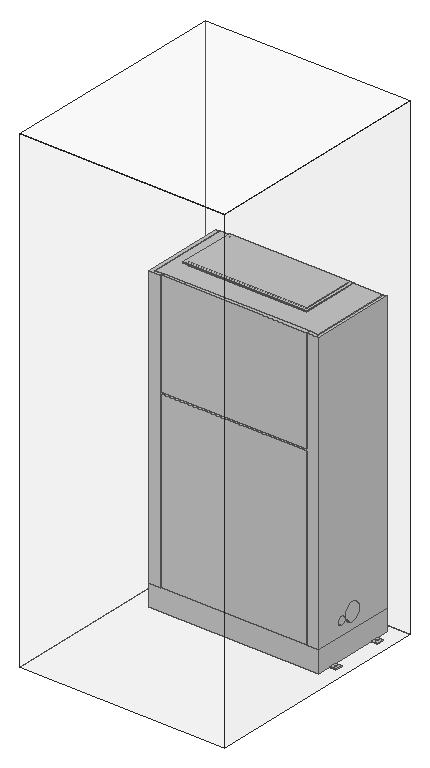
Revit family "pfav-xp224_560dmj_50Hz", category 機械設備, Revit 2019
Family settings
  丸型コネクタ寸法 = 直径を使用
  パーツ タイプ = 標準
  OmniClass 番号 = 23.75.10.24.21.27.27
  OmniClass タイトル = Split System Air Conditioning Units
  作業面ベース = いいえ
  常に垂直 = はい
  ロード時にボイドで切り取り = いいえ
  共有 = いいえ
  部屋計算ポイント = いいえ
Parameters (values of type "PFAV-XP224DMJ")
  風量（m3／min） = 65
  風量 = MAX風量  # 3900.0 m³/h
  音響パワーレベル(dB) = 68
  電源種別 = ""
  電圧_電気ヒーター = 0 V
  電圧 = 200 V
  電動機出力_送風機 = 1200 W
  電動機出力_圧縮機 = 0 W
  運転質量 = 0.00 kg
  連動 = ""
  質量 = if(製品質量 > 運転質量, 製品質量, 運転質量) * 1.2  # 163.20 kg
  負荷分類 = 3_ファン類
  説明 = "設備用パッケージエアコン 空冷床置形・冷暖兼用 ファシレアＤＤリプレースタイプ"
  設計暖房能力 [instance] = 0 kW
  設計冷房能力_顕熱 [instance] = 0 kW
  設計冷房能力 [instance] = 0 kW
  設置方法 = "床置形"
  記号 [instance] = ""
  製造元 = "三菱電機株式会社"
  製品質量 = 136.00 kg
  製品出荷対象 = "国内"
  製品リリース年月 = "2018年10月10日"
  製品グループ = ""
  系統 [instance] = ""
  符号 = "PAC-FRV(J)"
  積算_科目 = "1 空気調和設備"
  積算_拾い区分 [instance] = ""
  相_電気ヒーター = 1
  相 = 3
  盤記号 [instance] = ""
  発停方法 = ""
  特殊仕様 [instance] = ""
  火災停止 = ""
  消費電力_電気ヒーター = 0 W
  消費電力_暖房 = 510 W
  消費電力_加湿器 = 0 W
  消費電力_冷房 = 510 W
  消費電力 = if(消費電力_冷房 > 消費電力_暖房, 消費電力_冷房, 消費電力_暖房) + 消費電力_加湿器 + 消費電力_電気ヒーター  # 510 W
  法定耐用年数 = "15"
  機械基礎質量 [instance] = 0.00 kg
  機械基礎_W = 0 mm
  機械基礎_H = 0 mm
  機械基礎_D = 0 mm
  機械基礎 [instance] = no
  機外静圧 = 30.0 Pa
  極数 = 3
  材質 [instance] = ""
  本体マテリアル = none
  有効加湿量 = 0
  最小電線太さ_mm2 = 1.6
  最大電流値 = 5.8 A
  暖房能力 = 0 kW
  推奨ブレーカー容量 = 15 A
  形式_加湿器 = ""
  形式 = "床置（露出）立形"
  形名 = PFAV-XP-DMJ : PFAV-XP224DMJ1
  幹線記号 [instance] = ""
  始動方式 = "直入"
  呼称 = "パッケージ形空気調和機_室内機"
  周波数 = 50 Hz
  台数_手元リモコン [instance] = ""
  台数_冷媒分岐ユニット [instance] = ""
  参照している仕様書等のバージョン = "公共建築工事標準仕様書（機械設備工事編）平成31年度版"
  加湿給水管径 = 27.00 mm
  分類コード = "50053003023020"
  分類グループ = ""
  冷房能力 = 20 kW
  冷媒高低圧ガス管径 = 0.00 mm
  冷媒管径符号 = "Ce"
  冷媒管径 = 100.00 mm
  冷媒液管径 = 12.70 mm
  冷媒ガス管径 = 19.05 mm
  価格 = 0
  企業コード = "108420"
  付属品_フィルター = ""
  付属品 [instance] = ""
  仕様書バージョン = "Version1.0"
  モデル = "PFAV-XP224DMJ"
  ドレン管径 = 34.00 mm
  ダクト高 = 334 mm
  ダクト幅 = 715 mm
  サービススペース = yes
  コメント [instance] = ""
  Keynote = ""
  Width = 980 mm
  Version = ""
  Uniclass2015Version = "Systems v1.9"
  Uniclass2015Title = "Split coil remote air cooled condensing units"
  Uniclass2015Code = "Pr_70_65_03_84"
  URL = "https://www.mitsubishielectric.co.jp/ldg/wink/ssl/displayProduct.do?pid=294692"
  S寸法 = 150 mm
  SpecificationReference = ""
  SpecificationDescription = ""
  Revision = ""
  ProductInformation = ""
  OmniClassCode = "23-33 17 13 11"
  MAX風量 = 風量（m3／min） * 60.0 m³/h  # 3900.0 m³/h
  IfcTypeProduct = ""
  IfcProduct = ""
  IfcExportType = "AIRCONDITIONINGUNIT"
  IfcExportAs = "IfcUnitaryEquipmentType"
  Height = 1750 mm
  Depth = 485 mm
  Clearance Top = 1000 mm
  Clearance Right = 100 mm
  Clearance Left = 100 mm
  Clearance Front = 800 mm
  Clearance Back = 50 mm
  COP = 0
  Author = "三菱電機株式会社"
  APF = 0
Types (4, lengths in mm): name | 風量（m3／min） | 風量 | 音響パワーレベル(dB) | 電動機出力_送風機 | 質量 | 製品質量 | 消費電力_暖房 | 消費電力_冷房 | 消費電力 | 最大電流値 | 形名 | 冷房能力 | 冷媒管径符号 | 冷媒ガス管径 | モデル | ダクト高 | ダクト幅 | Width | URL | MAX風量 | Height | Depth
  PFAV-XP280DMJ | 90 | 5400.0 m³/h | 76 | 1200 W | 168.00 kg | 140.00 kg | 1150 W | 1150 W | 1150 W | 5.8 A | PFAV-XP-DMJ : PFAV-XP280DMJ1 | 25 kW | "Cf" | 22.20 | "PFAV-XP280DMJ" | 334 | 715 | 980 | "https://www.mitsubishielectric.co.jp/ldg/wink/ssl/displayProduct.do?pid=294731" | 5400.0 m³/h | 1750 | 485
  PFAV-XP450DMJ | 140 | 8400.0 m³/h | 76 | 2400 W | 285.60 kg | 238.00 kg | 1400 W | 1400 W | 1400 W | 9.7 A | PFAV-XP-DMJ : PFAV-XP450DMJ1 | 40 kW | "Ce" | 19.05 | "PFAV-XP450DMJ" | 489 | 1046 | 1200 | "https://www.mitsubishielectric.co.jp/ldg/wink/ssl/displayProduct.do?pid=294702" | 8400.0 m³/h | 1900 | 635
  PFAV-XP224DMJ | 65 | 3900.0 m³/h | 68 | 1200 W | 163.20 kg | 136.00 kg | 510 W | 510 W | 510 W | 5.8 A | PFAV-XP-DMJ : PFAV-XP224DMJ1 | 20 kW | "Ce" | 19.05 | "PFAV-XP224DMJ" | 334 | 715 | 980 | "https://www.mitsubishielectric.co.jp/ldg/wink/ssl/displayProduct.do?pid=294692" | 3900.0 m³/h | 1750 | 485
  PFAV-XP560DMJ | 165 | 9900.0 m³/h | 79 | 2400 W | 285.60 kg | 238.00 kg | 1780 W | 1780 W | 1780 W | 9.7 A | PFAV-XP-DMJ : PFAV-XP560DMJ1 | 50 kW | "Cf" | 22.20 | "PFAV-XP560DMJ" | 489 | 1046 | 1200 | "https://www.mitsubishielectric.co.jp/ldg/wink/ssl/displayProduct.do?pid=294703" | 9900.0 m³/h | 1900 | 635
Reference planes
  plane 1: z = 0
  plane 2: z = 1750
  plane 3: z = 0
  plane 4: z = 2750
  plane 5 "中心(正面/背面)": y = -242.5
  plane 6 "中心(左/右)": x = 0
  plane 7 "左": x = -490
  plane 8 "右": x = 490
  plane 9 "正面": y = -485
  plane 10 "背面": y = 0
  plane 11: y = 150
  plane 12: x = -640
  plane 13: y = -635
  plane 14: y = 50
  plane 15: y = -1285
  plane 16: x = -590
  plane 17: x = 590
  plane 18: x = 640
Dimensions and locks
  "Height": plane 2 to plane 3
  "Clearance Top": plane 4 to plane 2
  "機械基礎_H": plane 3 to plane 1
  equal spacing: plane 7 "左", plane 6 "中心(左/右)", plane 8 "右"
  "Width": plane 7 "左" to plane 8 "右"
  equal spacing: plane 9 "正面", plane 5 "中心(正面/背面)", plane 10 "背面"
  "Depth": plane 9 "正面" to plane 10 "背面"
  "S寸法": plane 10 "背面" to plane 11
  "S寸法": plane 13 to plane 9 "正面"
  "S寸法": plane 12 to plane 7 "左"
  "Clearance Left": plane 16 to plane 7 "左"
  "Clearance Right": plane 8 "右" to plane 17
  "Clearance Front": plane 15 to plane 9 "正面"
  "Clearance Back": plane 10 "背面" to plane 14
  "S寸法": plane 8 "右" to plane 18
  aligned and locked: level to plane 1
  aligned and locked: plane 17 to nested 1
  aligned and locked: plane 15 to nested 1
  aligned and locked: nested 1 to plane 16
  aligned and locked: nested 1 to plane 14
  aligned and locked: plane 4 to nested 1
  aligned and locked: plane 6 "中心(左/右)" to nested 2
  aligned and locked: plane 5 "中心(正面/背面)" to nested 2
  aligned and locked: plane 1 to nested 1
Nested families
  nested 1: "サービススペース(pfav-xp)" at (0, -617.5, 1375), visible <- "サービススペース", type "サービススペース(pfav-xp)"
    with Width 1180 mm, Height 2750 mm, Depth 1335 mm
  nested 2: "PFAV-XP-DMJ" at (0, -242.5, 0), type <- "形名", マテリアル1 <- "本体マテリアル", type "PFAV-XP224DMJ1"
    with 表示 yes, マテリアル2 none, マテリアル1 none
Connectors
  hvac at (-38.5, -188, 1750), driven by "ダクト幅", driven by "ダクト高", driven by "機外静圧", driven by "風量"
    settings: on nested 2, index 1, duct flow 3900.0 m³/h, flow factor 0, pres drop 30.0 Pa, loss coef 0, conn angle 0.00°, conn width 334 mm, conn height 715 mm, conn diameter 609.6 mm, duct sys type 1, conn prof type 1, flow config 1, flow direction 2, loss method 4, conn ref index -1, conn util no, is conn primary yes, conn desc ""
  piping at (493, -249, 217), diameter 100, driven by "冷媒管径", driven by "冷媒管径符号"
    settings: on nested 2, index 2, connector inside diameter 609.60 mm, connector length 0 mm, flow factor 0, pipe flow 0.0 L/s, pressure drop 0.0 Pa, fitting loss kfactor 0, connector angle 0.00°, fixture units 0, engagement length 0 mm, angle of deflection 0.00°, flow configuration 1, flow direction 1, fitting loss method 4, system type 7, joint type 0, gender type 0, connector reference index -1, connector utility 0, adjustable connector no, is connector primary yes, connector description "Ce"
  piping at (493, -326, 202), diameter 27, driven by "加湿給水管径"
    settings: on nested 2, index 3, connector inside diameter 609.60 mm, connector length 0 mm, flow factor 0, pipe flow 0.0 L/s, pressure drop 0.0 Pa, fitting loss kfactor 0, connector angle 0.00°, fixture units 0, engagement length 0 mm, angle of deflection 0.00°, flow configuration 1, flow direction 1, fitting loss method 4, system type 20, joint type 0, gender type 0, connector reference index -1, connector utility 0, adjustable connector no, is connector primary no, connector description ""
  electrical at (493, -326, 202), driven by "極数", driven by "負荷分類", driven by "電圧", driven by "消費電力"
    settings: on nested 2, index 4, voltage 200 V, apparent load 510 VA, apparent load phase1 0 VA, apparent load phase2 0 VA, apparent load phase3 0 VA, power factor 1, load classification "3_ファン類", number of poles 3, system type 30, power factor state 1, is connector primary yes, connector utility no, sub classification motor no, connector description ""
Definition of nested family "サービススペース(pfav-xp)"
  Parameters (values of type "サービススペース")
    Width [instance] = 500 mm
    Height [instance] = 500 mm
    Depth [instance] = 500 mm
  Reference planes
    plane 1 "中心(正面/背面)": y = 0
    plane 2: z = 0
    plane 3 "中心(左/右)": x = 0
    plane 4: y = -250
    plane 5: x = 250
    plane 6: y = 250
    plane 7: x = -250
    plane 8: z = 250
    plane 9: z = -250
  Forms (mm)
    Extrusion 1, solid
      sketch origin (-638.939, 0, 72.39) x (1, 0, 0) y (0, 1, 0)
        loop
          line (388.939, 250) -> (388.939, -250) -> (888.939, -250) -> (888.939, 250) -> (388.939, 250)
      from -322.39 to 177.61
  Lines and regions (mm)
    symbolic lines
      curve 1: line (-250, 0, 250) -> (250, 0, 250)
      curve 2: line (-250, 0, -250) -> (-250, 0, 250)
      curve 3: line (250, 0, -250) -> (-250, 0, -250)
      curve 4: line (250, 0, 250) -> (250, 0, -250)
      curve 5: line (0, -250, 250) -> (0, 250, 250)
      curve 6: line (0, -250, -250) -> (0, -250, 250)
      curve 7: line (0, 250, -250) -> (0, -250, -250)
      curve 8: line (0, 250, 250) -> (0, 250, -250)
      curve 9: line (-250, 250, 0) -> (250, 250, 0)
      curve 10: line (-250, -250, 0) -> (-250, 250, 0)
      curve 11: line (250, -250, 0) -> (-250, -250, 0)
      curve 12: line (250, 250, 0) -> (250, -250, 0)
  Dimensions and locks
    equal spacing: plane 7, plane 3 "中心(左/右)", plane 5
    equal spacing: plane 4, plane 1 "中心(正面/背面)", plane 6
    "Depth": plane 4 to plane 6
    "Width": plane 7 to plane 5
    equal spacing: plane 8, plane 2, plane 9
    "Height": plane 8 to plane 9
    aligned and locked: plane 9 to curve 3
    aligned and locked: plane 7 to curve 2
    aligned and locked: curve 4 to plane 5
    aligned and locked: plane 5 to Extrusion 1
    aligned and locked: Extrusion 1 to plane 7
    aligned and locked: Extrusion 1 to plane 9
    aligned and locked: plane 8 to Extrusion 1
    aligned and locked: plane 9 to curve 7
  Automatic sketch dimensions
    plane 4 to Extrusion 1 sketch curve = 0 mm
    Extrusion 1 sketch curve to plane 7 = 0 mm
    Extrusion 1 sketch curve to plane 5 = 0 mm
    plane 6 to Extrusion 1 sketch curve = 0 mm
    curve 2 to plane 8 = 0 mm
    plane 4 to curve 11 = 0 mm
    curve 11 to plane 7 = 0 mm
    curve 11 to plane 5 = 0 mm
    plane 6 to curve 10 = 0 mm
    curve 7 to plane 4 = 0 mm
    curve 7 to plane 6 = 0 mm
    curve 6 to plane 8 = 0 mm
Definition of nested family "PFAV-XP-DMJ"
  Parameters (values of type "PFAV-XP224DMJ1")
    液径 = 9.52 mm
    液-W = 0 mm
    液-H = 172 mm
    液-D = 249 mm
    ドレン② = no
    ドレン① = yes
    ①高 = 1730 mm
    電源径 = 43 mm
    電源-W = 0 mm
    電源-H = 202 mm
    電源-D = 326 mm
    表示 [instance] = yes
    ①幅 = 980 mm
    ①奥行 = 485 mm
    吊りボルト径 = 12 mm
    吊りボルト-W = 1026 mm
    吊りボルト-D = 300 mm
    吊りボルト-H = 0 mm
    加湿給水管径 = 27 mm
    加湿給水-W = 0 mm
    加湿給水-H = 322 mm
    加湿給水-D = 111 mm
    冷媒径 = 100 mm
    ガス径 = 19.05 mm
    ガス-W = 0 mm
    ガス-H = 262 mm
    ガス-D = 249 mm
    マテリアル2 [instance] = none
    マテリアル1 [instance] = none
    ドレン径 = 34 mm
    ドレン-W = 200 mm
    ドレン-H = 54 mm
    ドレン-D = 240 mm
    w = 675 mm
    m = 164 mm
    h = 20 mm
    e = 600 mm
    c = 10 mm
    d = 294 mm
    b = 171 mm
    a1 = 19 mm
    a = 22 mm
  Types (4, lengths in mm): name | 液径 | 液-H | 液-D | ①高 | 電源径 | 電源-H | 電源-D | ①幅 | ①奥行 | 吊りボルト-W | 吊りボルト-D | 加湿給水-H | 加湿給水-D | ガス径 | ガス-H | ガス-D | ドレン-H | ドレン-D | w | m | h | d | b | a1 | a
    PFAV-XP224DMJ1 | 9.52 | 172 | 249 | 1730 | 43 | 202 | 326 | 980 | 485 | 1026 | 300 | 322 | 111 | 19.05 | 262 | 249 | 54 | 240 | 675 | 164 | 20 | 294 | 171 | 19 | 22
    PFAV-XP280DMJ1 | 9.52 | 172 | 249 | 1730 | 43 | 202 | 326 | 980 | 485 | 1026 | 300 | 322 | 111 | 19.05 | 262 | 249 | 54 | 240 | 675 | 164 | 20 | 294 | 171 | 19 | 22
    PFAV-XP450DMJ1 | 12.7 | 203 | 254 | 1897 | 52 | 179 | 475 | 1200 | 635 | 1246 | 440 | 249 | 321 | 28.58 | 209 | 128 | 64 | 314 | 1006 | 208 | 3 | 449 | 77 | 20 | 24
    PFAV-XP560DMJ1 | 12.7 | 203 | 254 | 1897 | 52 | 179 | 475 | 1200 | 635 | 1246 | 440 | 249 | 321 | 28.58 | 209 | 128 | 64 | 314 | 1006 | 208 | 3 | 449 | 77 | 20 | 24
  Reference planes
    plane 1 "中心(正面/背面)": y = 0
    plane 2: z = 0
    plane 3 "中心(左/右)": x = 0
    plane 4: x = 490
    plane 5: x = -490
    plane 6: y = 242.5
    plane 7: y = -242.5
    plane 8: z = 1750
    plane 9: z = 1130
    plane 10: z = 1730
    plane 11: z = 120
    plane 12: y = 150
    plane 13: y = -150
    plane 14: x = 513
    plane 15: x = -513
    plane 16: y = 221.5
    plane 17: y = -162.5
    plane 18: z = 54
    plane 19: z = 202
    plane 20: y = -6.5
    plane 21: z = 172
    plane 22: z = 262
    plane 23: z = 1748
    plane 24: y = -6.5
    plane 25: x = 470
    plane 26: x = -470
    plane 27: z = 1120
    plane 28: y = -222.5
    plane 29: x = -420
    plane 30: x = 420
    plane 31: y = -239.5
    plane 32: x = 530
    plane 33: x = -530
    plane 34: y = 170
    plane 35: y = 130
    plane 36: y = -130
    plane 37: y = -170
    plane 38: y = 201.5
    plane 39: z = 5
    plane 40: x = 319
    plane 41: x = 299
    plane 42: x = -376
    plane 43: x = -396
    plane 44: y = -112.5
    plane 45: y = -92.5
    plane 46: y = 2.5
    plane 47: y = -83.5
    plane 48: x = 493
    plane 49: y = -6.5
    plane 50: z = 217
    plane 51: y = 131.5
    plane 52: z = 322
    plane 53: x = -491
    plane 54: y = 243.5
    plane 55: x = 290
    plane 56: x = -410
    plane 57: x = -246
    plane 58: x = -82
    plane 59: x = 82
    plane 60: x = 246
    plane 61: x = 410
    plane 62: y = 220.5
  Forms (mm)
    Extrusion 1, solid, material <- "マテリアル1", visible <- "表示", detail levels fine
      sketch origin (0, 0, -400) x (1, 0, 0) y (0, 1, 0)
        loop
          line (420, -222.5) -> (-420, -222.5) -> (-420, -239.5) -> (420, -239.5) -> (420, -222.5)
      from 1530 to 2130
    Extrusion 2, solid, material <- "マテリアル1", visible <- "表示", detail levels fine
      sketch origin (0, 0, -800) x (1, 0, 0) y (0, 1, 0)
        loop
          line (-420, -239.5) -> (420, -239.5) -> (420, -222.5) -> (-420, -222.5) -> (-420, -239.5)
      from 920 to 1920
    Extrusion 3, solid, material <- "マテリアル2", visible <- "表示", detail levels fine
      sketch origin (0, 0, 0) x (1, 0, 0) y (0, 1, 0)
        loop
          line (490, 170) -> (490, 130) -> (530, 130) -> (530, 170) -> (490, 170)
        loop
          line (490, -130) -> (490, -170) -> (530, -170) -> (530, -130) -> (490, -130)
        loop
          line (-530, 170) -> (-530, 130) -> (-490, 130) -> (-490, 170) -> (-530, 170)
        loop
          line (-530, -130) -> (-530, -170) -> (-490, -170) -> (-490, -130) -> (-530, -130)
        loop
          circle (-513, 150) r 6
        loop
          circle (513, 150) r 6
        loop
          circle (513, -150) r 6
        loop
          circle (-513, -150) r 6
      from 0 to 5
    Extrusion 4, solid, material <- "マテリアル2", visible <- "表示", detail levels fine
      sketch origin (0, -1140, 0) x (0, -1, 0) y (1, 0, 0)
        loop
          line (-1341.5, 299) -> (-1341.5, -376) -> (-1047.5, -376) -> (-1047.5, 299) -> (-1341.5, 299)
      from 1730 to 1748
    Extrusion 5, solid, material <- "マテリアル2", visible <- "表示", detail levels fine
      sketch origin (0, -1140, -430) x (0, -1, 0) y (1, 0, 0)
        loop
          line (-1361.5, 319) -> (-1361.5, -396) -> (-1027.5, -396) -> (-1027.5, 319) -> (-1361.5, 319)
      from 2178 to 2180
    Extrusion 6, solid, material <- "マテリアル1", visible <- "表示", detail levels fine
      sketch origin (-1437.329, -1524, 1750) x (-1, 0, 0) y (0, -1, 0)
        loop
          line (-947.329, -1766.5) -> (-947.329, -1281.5) -> (-1017.329, -1281.5) -> (-1017.329, -1301.5) -> (-967.329, -1301.5) -> (-967.329, -1766.5) -> (-947.329, -1766.5)
        loop
          line (-1907.329, -1766.5) -> (-1907.329, -1301.5) -> (-1857.329, -1301.5) -> (-1857.329, -1281.5) -> (-1927.329, -1281.5) -> (-1927.329, -1766.5) -> (-1907.329, -1766.5)
      from -1630 to -20
    Extrusion 7, solid, material <- "マテリアル1", visible <- "表示", detail levels fine
      sketch origin (-1437.329, -1524, 1750) x (-1, 0, 0) y (0, -1, 0)
        loop
          line (-1907.329, -1766.5) -> (-967.329, -1766.5) -> (-967.329, -1301.5) -> (-1907.329, -1301.5) -> (-1907.329, -1766.5)
      from -1630 to -20
    Extrusion 8, solid, material <- "マテリアル2", visible <- "表示", detail levels fine
      sketch origin (-1437.329, -1524, 1750) x (-1, 0, 0) y (0, -1, 0)
        loop
          line (-947.329, -1766.5) -> (-947.329, -1281.5) -> (-1927.329, -1281.5) -> (-1927.329, -1766.5) -> (-947.329, -1766.5)
      from -1750 to -1630
    Extrusion 9, solid, material <- "マテリアル2", visible <- "表示", detail levels fine
      sketch origin (490, 1296.25, 1200) x (0, 1, 0) y (0, 0, 1)
        loop
          circle (-1379.75, -998) r 21.5
      from 0 to 3
    Extrusion 10, solid, material <- "マテリアル1", visible <- "表示", detail levels fine
      sketch origin (490, 1296.25, 1200) x (0, 1, 0) y (0, 0, 1)
        loop
          circle (-1302.75, -983) r 50
      from 0 to 3
    Extrusion 11, solid, material <- "マテリアル1", visible <- "ドレン①", detail levels fine
      sketch origin (-490, 1296.25, 1200) x (0, 1, 0) y (0, 0, 1)
        loop
          circle (-1293.75, -1146) r 17
      from -1 to 0
    Extrusion 12, solid, material <- "マテリアル1", visible <- "ドレン②", detail levels fine
      sketch origin (1480.036, -239.5, 2000) x (1, 0, 0) y (0, 0, 1)
        loop
          circle (-1190.036, -1946) r 17
      from -483 to -482
  Lines and regions (mm)
    Masking region 1, visible <- "表示", detail levels coarse+medium
      outline origin (0, 0, 0) x (1, 0, 0) y (0, 1, 0)
        loop
          line (-490, 242.5) -> (-490, -242.5) -> (490, -242.5) -> (490, 242.5) -> (-490, 242.5)
    symbolic lines, visible <- "表示"
      curve 1: line (-490, 242.5, 1750) -> (-490, -242.5, 1750)
      curve 2: line (-490, -242.5, 1750) -> (490, -242.5, 1750)
      curve 3: line (490, -242.5, 1750) -> (490, 242.5, 1750)
      curve 4: line (490, 242.5, 1750) -> (-490, 242.5, 1750)
      curve 5: line (-396, 221.5, 1750) -> (-396, -112.5, 1750)
      curve 6: line (-396, -112.5, 1750) -> (319, -112.5, 1750)
      curve 7: line (319, -112.5, 1750) -> (319, 221.5, 1750)
      curve 8: line (319, 221.5, 1750) -> (-396, 221.5, 1750)
    model lines, visible <- "表示", detail levels fine
      curve 9: line (-410, -239.5, 1020) -> (410, -239.5, 1020)
      curve 10: line (-410, -239.5, 520) -> (-410, -239.5, 1020)
      curve 11: line (410, -239.5, 520) -> (-410, -239.5, 520)
      curve 12: line (410, -239.5, 1020) -> (410, -239.5, 520)
      curve 13: line (-410, -239.5, 545) -> (410, -239.5, 545)
      curve 14: line (-410, -239.5, 570) -> (410, -239.5, 570)
      curve 15: line (-410, -239.5, 595) -> (410, -239.5, 595)
      curve 16: line (-410, -239.5, 620) -> (410, -239.5, 620)
      curve 17: line (-410, -239.5, 645) -> (410, -239.5, 645)
      curve 18: line (-410, -239.5, 670) -> (410, -239.5, 670)
      curve 19: line (-410, -239.5, 695) -> (410, -239.5, 695)
      curve 20: line (-410, -239.5, 720) -> (410, -239.5, 720)
      curve 21: line (-410, -239.5, 745) -> (410, -239.5, 745)
      curve 22: line (-410, -239.5, 770) -> (410, -239.5, 770)
      curve 23: line (-410, -239.5, 795) -> (410, -239.5, 795)
      curve 24: line (-410, -239.5, 820) -> (410, -239.5, 820)
      curve 25: line (-410, -239.5, 845) -> (410, -239.5, 845)
      curve 26: line (-410, -239.5, 870) -> (410, -239.5, 870)
      curve 27: line (-410, -239.5, 895) -> (410, -239.5, 895)
      curve 28: line (-410, -239.5, 920) -> (410, -239.5, 920)
      curve 29: line (-410, -239.5, 945) -> (410, -239.5, 945)
      curve 30: line (-410, -239.5, 970) -> (410, -239.5, 970)
      curve 31: line (-410, -239.5, 995) -> (410, -239.5, 995)
      curve 32: line (-246, -239.5, 1020) -> (-246, -239.5, 520)
      curve 33: line (-82, -239.5, 1020) -> (-82, -239.5, 520)
      curve 34: line (82, -239.5, 1020) -> (82, -239.5, 520)
      curve 35: line (246, -239.5, 1020) -> (246, -239.5, 520)
  Dimensions and locks
    equal spacing: plane 7, plane 1 "中心(正面/背面)", plane 6
    "①奥行": plane 7 to plane 6
    equal spacing: plane 5, plane 3 "中心(左/右)", plane 4
    "①幅": plane 5 to plane 4
    locked: plane 11 to level at 120
    equal spacing: plane 13, plane 1 "中心(正面/背面)", plane 12
    "吊りボルト-D": plane 13 to plane 12
    equal spacing: plane 15, plane 3 "中心(左/右)", plane 14
    "吊りボルト-W": plane 15 to plane 14
    locked: plane 7 to plane 17 at 80
    "ドレン-H": plane 18 to level
    "電源-H": plane 19 to level
    "液-H": plane 21 to level
    "e": plane 10 to plane 9
    "ガス-H": plane 22 to level
    "h": plane 8 to plane 10
    locked: plane 8 to plane 23 at 2
    locked: plane 5 to plane 26 at 20
    locked: plane 25 to plane 4 at 20
    "c": plane 9 to plane 27
    locked: plane 7 to plane 28 at 20
    locked: plane 26 to plane 29 at 50
    locked: plane 30 to plane 25 at 50
    locked: plane 7 to plane 31 at 3
    locked: plane 33 to plane 5 at 40
    locked: plane 4 to plane 32 at 40
    plane 37 to plane 13 to plane 36 = 20 mm locked, 20 mm locked
    plane 35 to plane 12 to plane 34 = 20 mm locked, 20 mm locked
    locked: plane 38 to plane 16 at 20
    locked: plane 39 to level at 5
    "b": plane 40 to plane 4
    locked: plane 43 to plane 42 at 20
    locked: plane 41 to plane 40 at 20
    "w": plane 42 to plane 41
    locked: plane 44 to plane 45 at 20
    "d": plane 45 to plane 38
    "①高": plane 10 to level
    "液-D": plane 20 to plane 6
    "ガス-D": plane 24 to plane 6
    "ドレン-D": plane 46 to plane 6
    "電源-D": plane 47 to plane 6
    locked: plane 4 to plane 48 at 3
    equal spacing: plane 20, plane 49, plane 24
    equal spacing: plane 22, plane 50, plane 21
    "加湿給水-D": plane 51 to plane 6
    "加湿給水-H": plane 52 to level
    locked: plane 53 to plane 5 at 1
    locked: plane 6 to plane 54 at 1
    "ドレン-W": plane 55 to plane 4
    locked: plane 56 to plane 29 at 10
    "m": plane 57 to plane 56
    "m": plane 58 to plane 57
    "m": plane 59 to plane 58
    "m": plane 60 to plane 59
    "m": plane 61 to plane 60
    locked: plane 27 to curve 9 at 100
    equal spacing: curve 9, curve 31, curve 30, curve 29, curve 28, curve 27, curve 26, curve 25, curve 24, curve 23, curve 22, curve 21, curve 20, curve 19, curve 18, curve 17, curve 16, curve 15, curve 14, curve 13, curve 11
    locked: curve 9 to curve 11 at 500
    "a1": plane 38 to plane 62
    "a": plane 62 to plane 6
    "吊りボルト径": diameter of Extrusion 3 sketch curve  (x4)
    "電源径": diameter of Extrusion 9 sketch curve
    "冷媒径": diameter of Extrusion 10 sketch curve
    "ドレン径": diameter of Extrusion 11 sketch curve
    "ドレン径": diameter of Extrusion 12 sketch curve
    aligned and locked: level to plane 2
    aligned and locked: plane 13 to nested 1
    aligned and locked: plane 14 to nested 1
    aligned and locked: plane 15 to nested 1
    aligned and locked: nested 1 to plane 12
    aligned and locked: Extrusion 2 to plane 11
    aligned and locked: Extrusion 1 to plane 9
    aligned and locked: Extrusion 5 to plane 23
    aligned and locked: plane 8 to Extrusion 5
    aligned and locked: Extrusion 6 to plane 11
    aligned and locked: Extrusion 4 to Extrusion 5
    aligned and locked: Extrusion 4 to plane 10
    aligned and locked: plane 10 to Extrusion 6
    aligned and locked: plane 10 to Extrusion 1
    aligned and locked: plane 27 to Extrusion 2
    aligned and locked: Extrusion 2 sketch curve to plane 28
    aligned and locked: Extrusion 6 sketch curve to plane 7  (x2)
    aligned and locked: Extrusion 6 sketch curve to plane 29
    aligned and locked: Extrusion 6 sketch curve to plane 30
    aligned and locked: Extrusion 6 sketch curve to plane 25
    aligned and locked: plane 28 to Extrusion 6 sketch curve  (x2)
    aligned and locked: Extrusion 2 sketch curve to plane 29
    aligned and locked: Extrusion 2 sketch curve to plane 30
    aligned and locked: plane 31 to Extrusion 2 sketch curve
    aligned and locked: Extrusion 1 sketch curve to plane 30
    aligned and locked: Extrusion 1 sketch curve to plane 29
    aligned and locked: Extrusion 1 sketch curve to plane 28
    aligned and locked: Extrusion 1 sketch curve to plane 31
    aligned and locked: Extrusion 7 sketch curve to plane 6
    aligned and locked: Extrusion 7 sketch curve to plane 26
    aligned and locked: Extrusion 7 sketch curve to plane 28
    aligned and locked: Extrusion 7 sketch curve to plane 25
    aligned and locked: plane 10 to Extrusion 7
    aligned and locked: Extrusion 7 to plane 11
    aligned and locked: plane 34 to Extrusion 3 sketch curve  (x2)
    aligned and locked: plane 4 to Extrusion 3 sketch curve  (x2)
    aligned and locked: Extrusion 3 sketch curve to plane 35  (x2)
    aligned and locked: Extrusion 3 sketch curve to plane 32  (x2)
    aligned and locked: plane 36 to Extrusion 3 sketch curve  (x2)
    aligned and locked: Extrusion 3 sketch curve to plane 37  (x2)
    aligned and locked: plane 33 to Extrusion 3 sketch curve  (x2)
    aligned and locked: Extrusion 3 sketch curve to plane 5  (x2)
    aligned and locked: plane 12 to Extrusion 3 sketch curve  (x2)
    aligned and locked: plane 15 to Extrusion 3 sketch curve  (x2)
    aligned and locked: plane 13 to Extrusion 3 sketch curve  (x2)
    aligned and locked: plane 14 to Extrusion 3 sketch curve  (x2)
    aligned and locked: Extrusion 3 to level
    aligned and locked: plane 39 to Extrusion 3
    aligned and locked: Extrusion 8 sketch curve to Extrusion 6
    aligned and locked: Extrusion 8 sketch curve to Extrusion 7
    aligned and locked: Extrusion 8 to level
    aligned and locked: plane 11 to Extrusion 8
    aligned and locked: Extrusion 4 sketch curve to plane 38
    aligned and locked: Extrusion 4 sketch curve to plane 45
    aligned and locked: Extrusion 4 sketch curve to plane 41
    aligned and locked: Extrusion 4 sketch curve to plane 42
    aligned and locked: Extrusion 5 sketch curve to plane 40
    aligned and locked: Extrusion 5 sketch curve to plane 16
    aligned and locked: Extrusion 5 sketch curve to plane 44
    aligned and locked: Extrusion 5 sketch curve to plane 43
    aligned and locked: Masking region 1 sketch curve to Extrusion 8
    aligned and locked: Masking region 1 sketch curve to Extrusion 6
    aligned and locked: Masking region 1 sketch curve to plane 7
    aligned and locked: Masking region 1 sketch curve to plane 4
    aligned and locked: curve 1 to Masking region 1
    aligned and locked: curve 3 to Masking region 1
    aligned and locked: curve 4 to Masking region 1
    aligned and locked: curve 5 to Extrusion 5
    aligned and locked: curve 6 to Extrusion 5
    aligned and locked: curve 7 to Extrusion 5
    aligned and locked: curve 8 to Extrusion 5
    aligned and locked: plane 47 to Extrusion 9 sketch curve
    aligned and locked: plane 19 to Extrusion 9 sketch curve
    aligned and locked: Extrusion 9 to plane 4
    aligned and locked: plane 48 to Extrusion 9
    aligned and locked: plane 49 to Extrusion 10 sketch curve
    aligned and locked: plane 50 to Extrusion 10 sketch curve
    aligned and locked: Extrusion 10 to plane 4
    aligned and locked: plane 48 to Extrusion 10
    aligned and locked: plane 5 to Extrusion 6 sketch curve
    aligned and locked: plane 4 to Extrusion 6 sketch curve
    aligned and locked: Extrusion 8 sketch curve to plane 7
    aligned and locked: plane 4 to Extrusion 8 sketch curve
    aligned and locked: plane 46 to Extrusion 11 sketch curve
    aligned and locked: plane 18 to Extrusion 11 sketch curve
    aligned and locked: Extrusion 11 to plane 53
    aligned and locked: plane 5 to Extrusion 11
    aligned and locked: plane 18 to Extrusion 12 sketch curve
    aligned and locked: plane 55 to Extrusion 12 sketch curve
    aligned and locked: Extrusion 12 to plane 54
    aligned and locked: plane 6 to Extrusion 12
    aligned and locked: plane 56 to curve 10
    aligned and locked: curve 12 to plane 61
    aligned and locked: curve 35 to plane 60
    aligned and locked: curve 34 to plane 59
    aligned and locked: curve 33 to plane 58
    aligned and locked: curve 32 to plane 57
  Automatic sketch dimensions
    Extrusion 6 sketch curve to plane 26 = 0 mm
    plane 6 to Extrusion 6 sketch curve = 0 mm  (x2)
    plane 28 to Extrusion 2 sketch curve = 0 mm
    plane 7 to curve 2 = 0 mm
  Nested families
    nested 1: "固定点" at (-513, -150, 0), visible <- "表示", type "固定点", detail levels fine
      with W 1026 mm, D 300 mm, 中心円 12 mm
  Definition of nested family "固定点"
    Parameters (values of type "固定点")
      中心円 = 20 mm
      W [instance] = 1000 mm
      D [instance] = 1000 mm
    Reference planes
      plane 1 "中心(正面/背面)": y = 0
      plane 2: z = 0
      plane 3 "中心(左/右)": x = 0
      plane 4: x = 1000
      plane 5: y = 1000
    Lines and regions (mm)
      symbolic lines, detail levels fine
        curve 1: circle (0, 1000, 0) r 10 normal (0, 0, 1)
        curve 2: circle (0, 0, 0) r 10 normal (0, 0, 1)
        curve 3: circle (1000, 1000, 0) r 10 normal (0, 0, 1)
        curve 4: circle (1000, 0, 0) r 10 normal (0, 0, 1)
        curve 5: line (-200, 1000, 0) -> (1200, 1000, 0)
        curve 6: line (-200, 0, 0) -> (1200, 0, 0)
        curve 7: line (0, 1200, 0) -> (0, -200, 0)
        curve 8: line (1000, 1200, 0) -> (1000, -200, 0)
    Dimensions and locks
      "W": plane 3 "中心(左/右)" to plane 4
      "D": plane 1 "中心(正面/背面)" to plane 5
      "中心円": diameter of curve 1
      "中心円": diameter of curve 2
      "中心円": diameter of curve 3
      "中心円": diameter of curve 4
      aligned and locked: level to plane 2
      aligned and locked: plane 5 to curve 1
      aligned and locked: plane 3 "中心(左/右)" to curve 1
      aligned and locked: plane 3 "中心(左/右)" to curve 2
      aligned and locked: plane 1 "中心(正面/背面)" to curve 2
      aligned and locked: plane 4 to curve 3
      aligned and locked: plane 5 to curve 3
      aligned and locked: plane 1 "中心(正面/背面)" to curve 4
      aligned and locked: plane 4 to curve 4
      aligned and locked: plane 1 "中心(正面/背面)" to curve 6
      aligned and locked: curve 7 to plane 3 "中心(左/右)"
      aligned and locked: curve 8 to plane 4
    Automatic sketch dimensions
      curve 5 to plane 5 = 0 mm
      curve 6 to plane 3 "中心(左/右)" = 200 mm
      curve 5 to plane 3 "中心(左/右)" = 200 mm
      curve 4 to curve 6 = 200 mm
      curve 3 to curve 5 = 200 mm
      plane 1 "中心(正面/背面)" to curve 8 = 200 mm
      plane 1 "中心(正面/背面)" to curve 7 = 200 mm
      curve 3 to curve 8 = 200 mm
      curve 1 to curve 7 = 200 mm
